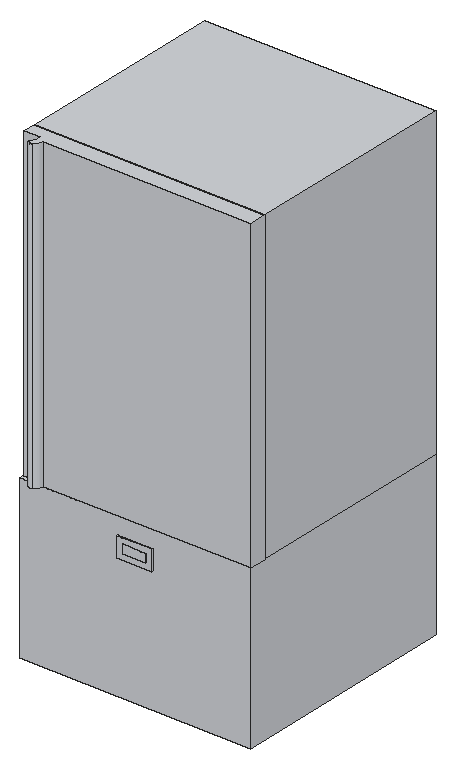
Revit family "Шкафы шоковой заморозки", category Оборудование, Revit 2020 (continued)
Automatic sketch dimensions
  curve 1742 to curve 1741 = 15 mm
  curve 1790 to curve 1789 = 15 mm
  curve 1846 to curve 1845 = 15 mm
  curve 1774 to curve 1773 = 15 mm
  curve 1838 to curve 1837 = 15 mm
  curve 1750 to curve 1749 = 15 mm
  curve 1870 to curve 1869 = 15 mm
  curve 1806 to curve 1805 = 15 mm
  curve 1798 to curve 1797 = 15 mm
  curve 1766 to curve 1765 = 15 mm
  curve 1830 to curve 1829 = 15 mm
  curve 1862 to curve 1861 = 15 mm
  curve 1822 to curve 1821 = 15 mm
  curve 1670 to curve 1669 = 15 mm
  curve 1758 to curve 1757 = 15 mm
  curve 1853 to curve 1860 = 0.858 mm
  curve 1805 to curve 1812 = 0.858 mm
  curve 1749 to curve 1756 = 0.858 mm
  curve 1813 to curve 1820 = 0.858 mm
  curve 1669 to curve 1668 = 0.858 mm
  curve 1701 to curve 1708 = 0.858 mm
  curve 1693 to curve 1700 = 0.858 mm
  curve 1717 to curve 1724 = 0.858 mm
  curve 1821 to curve 1828 = 0.858 mm
  curve 1757 to curve 1764 = 0.858 mm
  curve 1669 to curve 1676 = 0.858 mm
  curve 1845 to curve 1852 = 0.858 mm
  curve 1685 to curve 1692 = 0.858 mm
  curve 1789 to curve 1796 = 0.858 mm
  curve 1797 to curve 1804 = 0.858 mm
  curve 1725 to curve 1732 = 0.858 mm
  curve 1773 to curve 1780 = 0.858 mm
  curve 1861 to curve 1868 = 0.858 mm
  curve 1837 to curve 1844 = 0.858 mm
  curve 1829 to curve 1836 = 0.858 mm
  curve 1741 to curve 1748 = 0.858 mm
  curve 1733 to curve 1740 = 0.858 mm
  curve 1781 to curve 1788 = 0.858 mm
  curve 1677 to curve 1684 = 0.858 mm
  curve 1772 to curve 1668 = 0 mm
  curve 1709 to curve 1716 = 0.858 mm
  curve 1749 to curve 1748 = 15 mm
  curve 1773 to curve 1772 = 15 mm
  curve 1741 to curve 1740 = 15 mm
  curve 1837 to curve 1836 = 15 mm
  curve 1781 to curve 1780 = 15 mm
  curve 1693 to curve 1692 = 15 mm
  curve 1869 to curve 1868 = 15 mm
  curve 1805 to curve 1804 = 15 mm
  curve 1733 to curve 1732 = 15 mm
  curve 1797 to curve 1796 = 15 mm
  curve 1845 to curve 1844 = 15 mm
  curve 1669 to curve 1668 = 15 mm
  curve 1789 to curve 1788 = 15 mm
  curve 1701 to curve 1700 = 15 mm
  curve 1757 to curve 1756 = 15 mm
  curve 1829 to curve 1828 = 15 mm
  curve 1725 to curve 1724 = 15 mm
  curve 1677 to curve 1676 = 15 mm
  curve 1813 to curve 1812 = 15 mm
  curve 1709 to curve 1708 = 15 mm
  curve 1765 to curve 1764 = 15 mm
  curve 1861 to curve 1860 = 15 mm
  curve 1853 to curve 1852 = 15 mm
  curve 1717 to curve 1716 = 15 mm
  curve 1685 to curve 1684 = 15 mm
  curve 1821 to curve 1820 = 15 mm
  curve 1844 to curve 1851 = 0.858 mm
  curve 1708 to curve 1715 = 0.858 mm
  curve 1812 to curve 1819 = 0.858 mm
  curve 1820 to curve 1827 = 0.858 mm
  curve 1804 to curve 1811 = 0.858 mm
  curve 1828 to curve 1835 = 0.858 mm
  curve 1700 to curve 1707 = 0.858 mm
  curve 1780 to curve 1787 = 0.858 mm
  curve 1748 to curve 1755 = 0.858 mm
  curve 1852 to curve 1859 = 0.858 mm
  curve 1756 to curve 1763 = 0.858 mm
  curve 1860 to curve 1867 = 0.858 mm
  curve 1716 to curve 1723 = 0.858 mm
  curve 1796 to curve 1803 = 0.858 mm
  curve 1692 to curve 1699 = 0.858 mm
  curve 1772 to curve 1779 = 0.858 mm
  curve 1836 to curve 1843 = 0.858 mm
  curve 1676 to curve 1683 = 0.858 mm
  curve 1740 to curve 1747 = 0.858 mm
  curve 1772 to curve 1771 = 0.858 mm
  curve 1724 to curve 1731 = 0.858 mm
  curve 1788 to curve 1795 = 0.858 mm
  curve 1732 to curve 1739 = 0.858 mm
  curve 1667 to curve 1771 = 0 mm
  curve 1684 to curve 1691 = 0.858 mm
  curve 1668 to curve 1675 = 0.858 mm
  curve 1787 to curve 1011 = 15 mm  (x2)
  curve 1803 to curve 1035 = 15 mm  (x2)
  curve 1707 to curve 851 = 15 mm  (x2)
  curve 1859 to curve 1154 = 15 mm  (x2)
  curve 1747 to curve 936 = 15 mm  (x2)
  curve 1811 to curve 1052 = 15 mm  (x2)
  curve 1755 to curve 953 = 15 mm  (x2)
  curve 1691 to curve 822 = 15 mm  (x2)
  curve 1779 to curve 999 = 15 mm  (x2)
  curve 1667 to curve 786 = 15 mm  (x2)
  curve 1851 to curve 1137 = 15 mm  (x2)
  curve 1675 to curve 798 = 15 mm  (x2)
  curve 1715 to curve 868 = 15 mm  (x2)
  curve 1819 to curve 1069 = 15 mm  (x2)
  curve 1843 to curve 1120 = 15 mm  (x2)
  curve 1683 to curve 810 = 15 mm  (x2)
  curve 1867 to curve 1171 = 15 mm  (x2)
  curve 987 to curve 786 = 0 mm
  curve 1835 to curve 1103 = 15 mm  (x2)
  curve 1763 to curve 970 = 15 mm  (x2)
  curve 1731 to curve 902 = 15 mm  (x2)
  curve 1739 to curve 919 = 15 mm  (x2)
  curve 1699 to curve 834 = 15 mm  (x2)
  curve 1795 to curve 1023 = 15 mm  (x2)
  curve 1723 to curve 885 = 15 mm  (x2)
  curve 1827 to curve 1086 = 15 mm  (x2)
  curve 1675 to curve 810 = 0.858 mm
  curve 1819 to curve 1086 = 0.858 mm
  curve 1859 to curve 1171 = 0.858 mm
  curve 1763 to curve 970 = 0.858 mm
  curve 1867 to curve 1171 = 0.858 mm
  curve 1755 to curve 970 = 0.858 mm
  curve 1843 to curve 1137 = 0.858 mm
  curve 1683 to curve 822 = 0.858 mm
  curve 1771 to curve 999 = 0.858 mm
  curve 1747 to curve 953 = 0.858 mm
  curve 1691 to curve 834 = 0.858 mm
  curve 1739 to curve 936 = 0.858 mm
  curve 1667 to curve 798 = 0.858 mm
  curve 1795 to curve 1035 = 0.858 mm
  curve 1731 to curve 919 = 0.858 mm
  curve 1803 to curve 1052 = 0.858 mm
  curve 1779 to curve 1011 = 0.858 mm
  curve 1699 to curve 851 = 0.858 mm
  curve 1835 to curve 1120 = 0.858 mm
  curve 1707 to curve 868 = 0.858 mm
  curve 1811 to curve 1069 = 0.858 mm
  curve 1723 to curve 902 = 0.858 mm
  curve 1715 to curve 885 = 0.858 mm
  curve 1827 to curve 1103 = 0.858 mm
  curve 1851 to curve 1154 = 0.858 mm
  curve 1787 to curve 1023 = 0.858 mm
  curve 1771 to curve 987 = 15 mm
  curve 1069 to curve 1085 = 0.858 mm
  curve 987 to curve 998 = 0.858 mm
  curve 885 to curve 901 = 0.858 mm
  curve 798 to curve 809 = 0.858 mm
  curve 987 to curve 986 = 0.858 mm
  curve 1103 to curve 1119 = 0.858 mm
  curve 999 to curve 1010 = 0.858 mm
  curve 1154 to curve 1170 = 0.858 mm
  curve 810 to curve 821 = 0.858 mm
  curve 1120 to curve 1136 = 0.858 mm
  curve 786 to curve 797 = 0.858 mm
  curve 919 to curve 935 = 0.858 mm
  curve 868 to curve 884 = 0.858 mm
  curve 936 to curve 952 = 0.858 mm
  curve 822 to curve 833 = 0.858 mm
  curve 953 to curve 969 = 0.858 mm
  curve 1023 to curve 1034 = 0.858 mm
  curve 1011 to curve 1022 = 0.858 mm
  curve 851 to curve 867 = 0.858 mm
  curve 1035 to curve 1051 = 0.858 mm
  curve 785 to curve 986 = 0 mm
  curve 834 to curve 850 = 0.858 mm
  curve 1137 to curve 1153 = 0.858 mm
  curve 1086 to curve 1102 = 0.858 mm
  curve 1052 to curve 1068 = 0.858 mm
  curve 902 to curve 918 = 0.858 mm
  curve 1069 to curve 1068 = 15 mm
  curve 970 to curve 969 = 15 mm
  curve 1086 to curve 1085 = 15 mm
  curve 822 to curve 821 = 15 mm
  curve 786 to curve 785 = 15 mm
  curve 902 to curve 901 = 15 mm
  curve 851 to curve 850 = 15 mm
  curve 919 to curve 918 = 15 mm
  curve 1023 to curve 1022 = 15 mm
  curve 868 to curve 867 = 15 mm
  curve 1171 to curve 1170 = 15 mm
  curve 1052 to curve 1051 = 15 mm
  curve 834 to curve 833 = 15 mm
  curve 885 to curve 884 = 15 mm
  curve 999 to curve 998 = 15 mm
  curve 1103 to curve 1102 = 15 mm
  curve 1137 to curve 1136 = 15 mm
  curve 798 to curve 797 = 15 mm
  curve 1011 to curve 1010 = 15 mm
  curve 1035 to curve 1034 = 15 mm
  curve 810 to curve 809 = 15 mm
  curve 936 to curve 935 = 15 mm
  curve 1154 to curve 1153 = 15 mm
  curve 953 to curve 952 = 15 mm
  curve 1120 to curve 1119 = 15 mm
  curve 987 to curve 986 = 15 mm
  curve 1136 to curve 1152 = 0.858 mm
  curve 918 to curve 934 = 0.858 mm
  curve 785 to curve 784 = 0.858 mm
  curve 1085 to curve 1101 = 0.858 mm
  curve 998 to curve 1009 = 0.858 mm
  curve 901 to curve 917 = 0.858 mm
  curve 1119 to curve 1135 = 0.858 mm
  curve 797 to curve 808 = 0.858 mm
  curve 821 to curve 832 = 0.858 mm
  curve 986 to curve 997 = 0.858 mm
  curve 1153 to curve 1169 = 0.858 mm
  curve 850 to curve 866 = 0.858 mm
  curve 952 to curve 968 = 0.858 mm
  curve 1010 to curve 1021 = 0.858 mm
  curve 1051 to curve 1067 = 0.858 mm
  curve 884 to curve 900 = 0.858 mm
  curve 1034 to curve 1050 = 0.858 mm
  curve 935 to curve 951 = 0.858 mm
  curve 1068 to curve 1084 = 0.858 mm
  curve 833 to curve 849 = 0.858 mm
  curve 867 to curve 883 = 0.858 mm
  curve 785 to curve 796 = 0.858 mm
  curve 985 to curve 784 = 0 mm
  curve 1102 to curve 1118 = 0.858 mm
  curve 1022 to curve 1033 = 0.858 mm
  curve 809 to curve 820 = 0.858 mm
  curve 821 to curve 820 = 15 mm
  curve 1034 to curve 1033 = 15 mm
  curve 797 to curve 796 = 15 mm
  curve 986 to curve 985 = 15 mm
  curve 901 to curve 900 = 15 mm
  curve 1085 to curve 1084 = 15 mm
  curve 952 to curve 951 = 15 mm
  curve 969 to curve 968 = 15 mm
  curve 998 to curve 997 = 15 mm
  curve 1170 to curve 1169 = 15 mm
  curve 918 to curve 917 = 15 mm
  curve 935 to curve 934 = 15 mm
  curve 1102 to curve 1101 = 15 mm
  curve 1136 to curve 1135 = 15 mm
  curve 1010 to curve 1009 = 15 mm
  curve 833 to curve 832 = 15 mm
  curve 809 to curve 808 = 15 mm
  curve 867 to curve 866 = 15 mm
  curve 1068 to curve 1067 = 15 mm
  curve 785 to curve 784 = 15 mm
  curve 1153 to curve 1152 = 15 mm
  curve 1051 to curve 1050 = 15 mm
  curve 1022 to curve 1021 = 15 mm
  curve 884 to curve 883 = 15 mm
  curve 1119 to curve 1118 = 15 mm
  curve 850 to curve 849 = 15 mm
  curve 832 to curve 848 = 0.858 mm
  curve 917 to curve 933 = 0.858 mm
  curve 796 to curve 807 = 0.858 mm
  curve 1152 to curve 1168 = 0.858 mm
  curve 985 to curve 984 = 0.858 mm
  curve 866 to curve 882 = 0.858 mm
  curve 985 to curve 996 = 0.858 mm
  curve 951 to curve 967 = 0.858 mm
  curve 1101 to curve 1117 = 0.858 mm
  curve 1067 to curve 1083 = 0.858 mm
  curve 934 to curve 950 = 0.858 mm
  curve 997 to curve 1008 = 0.858 mm
  curve 900 to curve 916 = 0.858 mm
  curve 849 to curve 865 = 0.858 mm
  curve 1135 to curve 1151 = 0.858 mm
  curve 783 to curve 984 = 0 mm
  curve 784 to curve 795 = 0.858 mm
  curve 1084 to curve 1100 = 0.858 mm
  curve 1050 to curve 1066 = 0.858 mm
  curve 820 to curve 831 = 0.858 mm
  curve 1118 to curve 1134 = 0.858 mm
  curve 808 to curve 819 = 0.858 mm
  curve 1021 to curve 1032 = 0.858 mm
  curve 883 to curve 899 = 0.858 mm
  curve 1033 to curve 1049 = 0.858 mm
  curve 1009 to curve 1020 = 0.858 mm
  curve 1101 to curve 1100 = 15 mm
  curve 1152 to curve 1151 = 15 mm
  curve 968 to curve 967 = 15 mm
  curve 1050 to curve 1049 = 15 mm
  curve 934 to curve 933 = 15 mm
  curve 1169 to curve 1168 = 15 mm
  curve 808 to curve 807 = 15 mm
  curve 1118 to curve 1117 = 15 mm
  curve 985 to curve 984 = 15 mm
  curve 849 to curve 848 = 15 mm
  curve 1084 to curve 1083 = 15 mm
  curve 951 to curve 950 = 15 mm
  curve 1009 to curve 1008 = 15 mm
  curve 917 to curve 916 = 15 mm
  curve 866 to curve 865 = 15 mm
  curve 784 to curve 783 = 15 mm
  curve 796 to curve 795 = 15 mm
  curve 1021 to curve 1020 = 15 mm
  curve 1067 to curve 1066 = 15 mm
  curve 832 to curve 831 = 15 mm
  curve 1033 to curve 1032 = 15 mm
  curve 820 to curve 819 = 15 mm
  curve 900 to curve 899 = 15 mm
  curve 1135 to curve 1134 = 15 mm
  curve 997 to curve 996 = 15 mm
  curve 883 to curve 882 = 15 mm
  curve 865 to curve 881 = 0.858 mm
  curve 1032 to curve 1048 = 0.858 mm
  curve 1117 to curve 1133 = 0.858 mm
  curve 783 to curve 794 = 0.858 mm
  curve 882 to curve 898 = 0.858 mm
  curve 807 to curve 818 = 0.858 mm
  curve 933 to curve 949 = 0.858 mm
  curve 1020 to curve 1031 = 0.858 mm
  curve 819 to curve 830 = 0.858 mm
  curve 1083 to curve 1099 = 0.858 mm
  curve 1049 to curve 1065 = 0.858 mm
  curve 783 to curve 782 = 0.858 mm
  curve 1134 to curve 1150 = 0.858 mm
  curve 1008 to curve 1019 = 0.858 mm
  curve 899 to curve 915 = 0.858 mm
  curve 996 to curve 1007 = 0.858 mm
  curve 950 to curve 966 = 0.858 mm
  curve 1066 to curve 1082 = 0.858 mm
  curve 848 to curve 864 = 0.858 mm
  curve 916 to curve 932 = 0.858 mm
  curve 831 to curve 847 = 0.858 mm
  curve 984 to curve 995 = 0.858 mm
  curve 983 to curve 782 = 0 mm
  curve 1100 to curve 1116 = 0.858 mm
  curve 795 to curve 806 = 0.858 mm
  curve 1151 to curve 1167 = 0.858 mm
  curve 848 to curve 847 = 15 mm
  curve 795 to curve 794 = 15 mm
  curve 1117 to curve 1116 = 15 mm
  curve 807 to curve 806 = 15 mm
  curve 1049 to curve 1048 = 15 mm
  curve 899 to curve 898 = 15 mm
  curve 984 to curve 983 = 15 mm
  curve 1168 to curve 1167 = 15 mm
  curve 1151 to curve 1150 = 15 mm
  curve 950 to curve 949 = 15 mm
  curve 996 to curve 995 = 15 mm
  curve 819 to curve 818 = 15 mm
  curve 933 to curve 932 = 15 mm
  curve 882 to curve 881 = 15 mm
  curve 1032 to curve 1031 = 15 mm
  curve 865 to curve 864 = 15 mm
  curve 831 to curve 830 = 15 mm
  curve 1008 to curve 1007 = 15 mm
  curve 967 to curve 966 = 15 mm
  curve 1083 to curve 1082 = 15 mm
  curve 1066 to curve 1065 = 15 mm
  curve 1100 to curve 1099 = 15 mm
  curve 916 to curve 915 = 15 mm
  curve 783 to curve 782 = 15 mm
  curve 1134 to curve 1133 = 15 mm
  curve 1020 to curve 1019 = 15 mm
  curve 847 to curve 863 = 0.858 mm
  curve 1082 to curve 1098 = 0.858 mm
  curve 898 to curve 914 = 0.858 mm
  curve 782 to curve 781 = 0.858 mm
  curve 949 to curve 965 = 0.858 mm
  curve 1019 to curve 1030 = 0.858 mm
  curve 1065 to curve 1081 = 0.858 mm
  curve 1048 to curve 1064 = 0.858 mm
  curve 864 to curve 880 = 0.858 mm
  curve 995 to curve 1006 = 0.858 mm
  curve 830 to curve 846 = 0.858 mm
  curve 1150 to curve 1166 = 0.858 mm
  curve 806 to curve 817 = 0.858 mm
  curve 915 to curve 931 = 0.858 mm
  curve 983 to curve 994 = 0.858 mm
  curve 818 to curve 829 = 0.858 mm
  curve 1031 to curve 1047 = 0.858 mm
  curve 932 to curve 948 = 0.858 mm
  curve 982 to curve 781 = 0 mm
  curve 881 to curve 897 = 0.858 mm
  curve 1133 to curve 1149 = 0.858 mm
  curve 1099 to curve 1115 = 0.858 mm
  curve 1007 to curve 1018 = 0.858 mm
  curve 1116 to curve 1132 = 0.858 mm
  curve 782 to curve 793 = 0.858 mm
  curve 794 to curve 805 = 0.858 mm
  curve 983 to curve 982 = 15 mm
  curve 932 to curve 931 = 15 mm
  curve 818 to curve 817 = 15 mm
  curve 1116 to curve 1115 = 15 mm
  curve 1082 to curve 1081 = 15 mm
  curve 1031 to curve 1030 = 15 mm
  curve 966 to curve 965 = 15 mm
  curve 1150 to curve 1149 = 15 mm
  curve 898 to curve 897 = 15 mm
  curve 1019 to curve 1018 = 15 mm
  curve 1133 to curve 1132 = 15 mm
  curve 915 to curve 914 = 15 mm
  curve 1007 to curve 1006 = 15 mm
  curve 1065 to curve 1064 = 15 mm
  curve 1099 to curve 1098 = 15 mm
  curve 794 to curve 793 = 15 mm
  curve 830 to curve 829 = 15 mm
  curve 881 to curve 880 = 15 mm
  curve 949 to curve 948 = 15 mm
  curve 1167 to curve 1166 = 15 mm
  curve 782 to curve 781 = 15 mm
  curve 847 to curve 846 = 15 mm
  curve 864 to curve 863 = 15 mm
  curve 1048 to curve 1047 = 15 mm
  curve 995 to curve 994 = 15 mm
  curve 806 to curve 805 = 15 mm
  curve 982 to curve 993 = 0.858 mm
  curve 1030 to curve 1046 = 0.858 mm
  curve 829 to curve 845 = 0.858 mm
  curve 931 to curve 947 = 0.858 mm
  curve 781 to curve 780 = 0.858 mm
  curve 1149 to curve 1165 = 0.858 mm
  curve 817 to curve 828 = 0.858 mm
  curve 863 to curve 879 = 0.858 mm
  curve 1047 to curve 1063 = 0.858 mm
  curve 994 to curve 1005 = 0.858 mm
  curve 1081 to curve 1097 = 0.858 mm
  curve 897 to curve 913 = 0.858 mm
  curve 948 to curve 964 = 0.858 mm
  curve 1098 to curve 1114 = 0.858 mm
  curve 981 to curve 780 = 0 mm
  curve 1115 to curve 1131 = 0.858 mm
  curve 1006 to curve 1017 = 0.858 mm
  curve 880 to curve 896 = 0.858 mm
  curve 1132 to curve 1148 = 0.858 mm
  curve 781 to curve 792 = 0.858 mm
  curve 793 to curve 804 = 0.858 mm
  curve 1064 to curve 1080 = 0.858 mm
  curve 1018 to curve 1029 = 0.858 mm
  curve 914 to curve 930 = 0.858 mm
  curve 805 to curve 816 = 0.858 mm
  curve 846 to curve 862 = 0.858 mm
  curve 1081 to curve 1080 = 15 mm
  curve 805 to curve 804 = 15 mm
  curve 793 to curve 792 = 15 mm
  curve 1149 to curve 1148 = 15 mm
  curve 931 to curve 930 = 15 mm
  curve 982 to curve 981 = 15 mm
  curve 1132 to curve 1131 = 15 mm
  curve 1098 to curve 1097 = 15 mm
  curve 914 to curve 913 = 15 mm
  curve 1064 to curve 1063 = 15 mm
  curve 1166 to curve 1165 = 15 mm
  curve 846 to curve 845 = 15 mm
  curve 994 to curve 993 = 15 mm
  curve 863 to curve 862 = 15 mm
  curve 948 to curve 947 = 15 mm
  curve 1047 to curve 1046 = 15 mm
  curve 781 to curve 780 = 15 mm
  curve 1006 to curve 1005 = 15 mm
  curve 880 to curve 879 = 15 mm
  curve 829 to curve 828 = 15 mm
  curve 1115 to curve 1114 = 15 mm
  curve 965 to curve 964 = 15 mm
  curve 1018 to curve 1017 = 15 mm
  curve 897 to curve 896 = 15 mm
  curve 1030 to curve 1029 = 15 mm
  curve 817 to curve 816 = 15 mm
  curve 947 to curve 963 = 0.858 mm
  curve 1097 to curve 1113 = 0.858 mm
  curve 804 to curve 815 = 0.858 mm
  curve 1017 to curve 1028 = 0.858 mm
  curve 1046 to curve 1062 = 0.858 mm
  curve 1148 to curve 1164 = 0.858 mm
  curve 862 to curve 878 = 0.858 mm
  curve 896 to curve 912 = 0.858 mm
  curve 879 to curve 895 = 0.858 mm
  curve 981 to curve 992 = 0.858 mm
  curve 913 to curve 929 = 0.858 mm
  curve 1005 to curve 1016 = 0.858 mm
  curve 1029 to curve 1045 = 0.858 mm
  curve 845 to curve 861 = 0.858 mm
  curve 930 to curve 946 = 0.858 mm
  curve 1063 to curve 1079 = 0.858 mm
  curve 1131 to curve 1147 = 0.858 mm
  curve 981 to curve 980 = 0.858 mm
  curve 993 to curve 1004 = 0.858 mm
  curve 1114 to curve 1130 = 0.858 mm
  curve 1080 to curve 1096 = 0.858 mm
  curve 779 to curve 980 = 0 mm
  curve 816 to curve 827 = 0.858 mm
  curve 792 to curve 803 = 0.858 mm
  curve 780 to curve 791 = 0.858 mm
  curve 828 to curve 844 = 0.858 mm
  curve 1097 to curve 1096 = 15 mm
  curve 1131 to curve 1130 = 15 mm
  curve 981 to curve 980 = 15 mm
  curve 828 to curve 827 = 15 mm
  curve 1046 to curve 1045 = 15 mm
  curve 1148 to curve 1147 = 15 mm
  curve 1017 to curve 1016 = 15 mm
  curve 947 to curve 946 = 15 mm
  curve 1080 to curve 1079 = 15 mm
  curve 862 to curve 861 = 15 mm
  curve 804 to curve 803 = 15 mm
  curve 930 to curve 929 = 15 mm
  curve 913 to curve 912 = 15 mm
  curve 1029 to curve 1028 = 15 mm
  curve 993 to curve 992 = 15 mm
  curve 780 to curve 779 = 15 mm
  curve 879 to curve 878 = 15 mm
  curve 1005 to curve 1004 = 15 mm
  curve 1165 to curve 1164 = 15 mm
  curve 896 to curve 895 = 15 mm
  curve 964 to curve 963 = 15 mm
  curve 1063 to curve 1062 = 15 mm
  curve 845 to curve 844 = 15 mm
  curve 816 to curve 815 = 15 mm
  curve 1114 to curve 1113 = 15 mm
  curve 792 to curve 791 = 15 mm
  curve 1045 to curve 1061 = 0.858 mm
  curve 827 to curve 843 = 0.858 mm
  curve 992 to curve 1003 = 0.858 mm
  curve 1147 to curve 1163 = 0.858 mm
  curve 803 to curve 814 = 0.858 mm
  curve 912 to curve 928 = 0.858 mm
  curve 895 to curve 911 = 0.858 mm
  curve 1062 to curve 1078 = 0.858 mm
  curve 1130 to curve 1146 = 0.858 mm
  curve 1028 to curve 1044 = 0.858 mm
  curve 980 to curve 979 = 0.858 mm
  curve 779 to curve 790 = 0.858 mm
  curve 1079 to curve 1095 = 0.858 mm
  curve 1113 to curve 1129 = 0.858 mm
  curve 1004 to curve 1015 = 0.858 mm
  curve 929 to curve 945 = 0.858 mm
  curve 844 to curve 860 = 0.858 mm
  curve 815 to curve 826 = 0.858 mm
  curve 791 to curve 802 = 0.858 mm
  curve 778 to curve 979 = 0 mm
  curve 1016 to curve 1027 = 0.858 mm
  curve 861 to curve 877 = 0.858 mm
  curve 946 to curve 962 = 0.858 mm
  curve 878 to curve 894 = 0.858 mm
  curve 1096 to curve 1112 = 0.858 mm
  curve 980 to curve 991 = 0.858 mm
  curve 895 to curve 894 = 15 mm
  curve 1028 to curve 1027 = 15 mm
  curve 878 to curve 877 = 15 mm
  curve 791 to curve 790 = 15 mm
  curve 1130 to curve 1129 = 15 mm
  curve 980 to curve 979 = 15 mm
  curve 1147 to curve 1146 = 15 mm
  curve 1079 to curve 1078 = 15 mm
  curve 929 to curve 928 = 15 mm
  curve 1113 to curve 1112 = 15 mm
  curve 992 to curve 991 = 15 mm
  curve 861 to curve 860 = 15 mm
  curve 779 to curve 778 = 15 mm
  curve 827 to curve 826 = 15 mm
  curve 1016 to curve 1015 = 15 mm
  curve 803 to curve 802 = 15 mm
  curve 1164 to curve 1163 = 15 mm
  curve 963 to curve 962 = 15 mm
  curve 815 to curve 814 = 15 mm
  curve 946 to curve 945 = 15 mm
  curve 844 to curve 843 = 15 mm
  curve 1062 to curve 1061 = 15 mm
  curve 912 to curve 911 = 15 mm
  curve 1004 to curve 1003 = 15 mm
  curve 1045 to curve 1044 = 15 mm
  curve 1096 to curve 1095 = 15 mm
  curve 843 to curve 859 = 0.858 mm
  curve 1027 to curve 1043 = 0.858 mm
  curve 991 to curve 1002 = 0.858 mm
  curve 1078 to curve 1094 = 0.858 mm
  curve 1015 to curve 1026 = 0.858 mm
  curve 894 to curve 910 = 0.858 mm
  curve 860 to curve 876 = 0.858 mm
  curve 778 to curve 789 = 0.858 mm
  curve 826 to curve 842 = 0.858 mm
  curve 1112 to curve 1128 = 0.858 mm
  curve 979 to curve 978 = 0.858 mm
  curve 1044 to curve 1060 = 0.858 mm
  curve 1129 to curve 1145 = 0.858 mm
  curve 928 to curve 944 = 0.858 mm
  curve 814 to curve 825 = 0.858 mm
  curve 802 to curve 813 = 0.858 mm
  curve 1061 to curve 1077 = 0.858 mm
  curve 790 to curve 801 = 0.858 mm
  curve 1095 to curve 1111 = 0.858 mm
  curve 1146 to curve 1162 = 0.858 mm
  curve 877 to curve 893 = 0.858 mm
  curve 1003 to curve 1014 = 0.858 mm
  curve 777 to curve 978 = 0 mm
  curve 911 to curve 927 = 0.858 mm
  curve 979 to curve 990 = 0.858 mm
  curve 945 to curve 961 = 0.858 mm
  curve 991 to curve 990 = 15 mm
  curve 928 to curve 927 = 15 mm
  curve 778 to curve 777 = 15 mm
  curve 1163 to curve 1162 = 15 mm
  curve 1015 to curve 1014 = 15 mm
  curve 1078 to curve 1077 = 15 mm
  curve 814 to curve 813 = 15 mm
  curve 894 to curve 893 = 15 mm
  curve 1112 to curve 1111 = 15 mm
  curve 826 to curve 825 = 15 mm
  curve 860 to curve 859 = 15 mm
  curve 962 to curve 961 = 15 mm
  curve 1061 to curve 1060 = 15 mm
  curve 979 to curve 978 = 15 mm
  curve 802 to curve 801 = 15 mm
  curve 790 to curve 789 = 15 mm
  curve 843 to curve 842 = 15 mm
  curve 1027 to curve 1026 = 15 mm
  curve 877 to curve 876 = 15 mm
  curve 1044 to curve 1043 = 15 mm
  curve 945 to curve 944 = 15 mm
  curve 1095 to curve 1094 = 15 mm
  curve 1003 to curve 1002 = 15 mm
  curve 911 to curve 910 = 15 mm
  curve 1146 to curve 1145 = 15 mm
  curve 1129 to curve 1128 = 15 mm
  curve 1077 to curve 1093 = 0.858 mm
  curve 978 to curve 977 = 0.858 mm
  curve 1094 to curve 1110 = 0.858 mm
  curve 1145 to curve 1161 = 0.858 mm
  curve 777 to curve 788 = 0.858 mm
  curve 978 to curve 989 = 0.858 mm
  curve 1060 to curve 1076 = 0.858 mm
  curve 910 to curve 926 = 0.858 mm
  curve 801 to curve 812 = 0.858 mm
  curve 1043 to curve 1059 = 0.858 mm
  curve 789 to curve 800 = 0.858 mm
  curve 927 to curve 943 = 0.858 mm
  curve 990 to curve 1001 = 0.858 mm
  curve 859 to curve 875 = 0.858 mm
  curve 825 to curve 841 = 0.858 mm
  curve 1026 to curve 1042 = 0.858 mm
  curve 842 to curve 858 = 0.858 mm
  curve 893 to curve 909 = 0.858 mm
  curve 876 to curve 892 = 0.858 mm
  curve 1002 to curve 1013 = 0.858 mm
  curve 776 to curve 977 = 0 mm
  curve 813 to curve 824 = 0.858 mm
  curve 944 to curve 960 = 0.858 mm
  curve 1014 to curve 1025 = 0.858 mm
  curve 1128 to curve 1144 = 0.858 mm
  curve 1111 to curve 1127 = 0.858 mm
  curve 1002 to curve 1001 = 15 mm
  curve 825 to curve 824 = 15 mm
  curve 1060 to curve 1059 = 15 mm
  curve 1128 to curve 1127 = 15 mm
  curve 1026 to curve 1025 = 15 mm
  curve 813 to curve 812 = 15 mm
  curve 961 to curve 960 = 15 mm
  curve 893 to curve 892 = 15 mm
  curve 859 to curve 858 = 15 mm
  curve 910 to curve 909 = 15 mm
  curve 801 to curve 800 = 15 mm
  curve 944 to curve 943 = 15 mm
  curve 927 to curve 926 = 15 mm
  curve 1111 to curve 1110 = 15 mm
  curve 1077 to curve 1076 = 15 mm
  curve 990 to curve 989 = 15 mm
  curve 1145 to curve 1144 = 15 mm
  curve 1014 to curve 1013 = 15 mm
  curve 876 to curve 875 = 15 mm
  curve 789 to curve 788 = 15 mm
  curve 1043 to curve 1042 = 15 mm
  curve 978 to curve 977 = 15 mm
  curve 777 to curve 776 = 15 mm
  curve 1094 to curve 1093 = 15 mm
  curve 842 to curve 841 = 15 mm
  curve 1162 to curve 1161 = 15 mm
  curve 1144 to curve 1160 = 0.858 mm
  curve 858 to curve 874 = 0.858 mm
  curve 1025 to curve 1041 = 0.858 mm
  curve 977 to curve 976 = 0.858 mm
  curve 775 to curve 976 = 0 mm
  curve 776 to curve 787 = 0.858 mm
  curve 1093 to curve 1109 = 0.858 mm
  curve 977 to curve 988 = 0.858 mm
  curve 1127 to curve 1143 = 0.858 mm
  curve 1001 to curve 1012 = 0.858 mm
  curve 1013 to curve 1024 = 0.858 mm
  curve 926 to curve 942 = 0.858 mm
  curve 812 to curve 823 = 0.858 mm
  curve 892 to curve 908 = 0.858 mm
  curve 788 to curve 799 = 0.858 mm
  curve 875 to curve 891 = 0.858 mm
  curve 841 to curve 857 = 0.858 mm
  curve 1059 to curve 1075 = 0.858 mm
  curve 800 to curve 811 = 0.858 mm
  curve 943 to curve 959 = 0.858 mm
  curve 824 to curve 840 = 0.858 mm
  curve 1110 to curve 1126 = 0.858 mm
  curve 1076 to curve 1092 = 0.858 mm
  curve 989 to curve 1000 = 0.858 mm
  curve 909 to curve 925 = 0.858 mm
  curve 1042 to curve 1058 = 0.858 mm
  curve 1001 to curve 1000 = 15 mm
  curve 1076 to curve 1075 = 15 mm
  curve 1059 to curve 1058 = 15 mm
  curve 1012 to curve 1036 = 0.858 mm
  curve 892 to curve 891 = 15 mm
  curve 926 to curve 925 = 15 mm
  curve 909 to curve 908 = 15 mm
  curve 811 to curve 835 = 0.858 mm
  curve 788 to curve 787 = 15 mm
  curve 841 to curve 840 = 15 mm
  curve 776 to curve 775 = 15 mm
  curve 989 to curve 988 = 15 mm
  curve 1093 to curve 1092 = 15 mm
  curve 1042 to curve 1041 = 15 mm
  curve 875 to curve 874 = 15 mm
  curve 1161 to curve 1160 = 15 mm
  curve 943 to curve 942 = 15 mm
  curve 977 to curve 976 = 15 mm
  curve 1110 to curve 1109 = 15 mm
  curve 1024 to curve 1036 = 0.858 mm
  curve 1144 to curve 1143 = 15 mm
  curve 960 to curve 959 = 15 mm
  curve 1127 to curve 1126 = 15 mm
  curve 858 to curve 857 = 15 mm
  curve 823 to curve 835 = 0.858 mm
  curve 800 to curve 799 = 15 mm
  curve 1075 to curve 1104 = 0.858 mm
  curve 1126 to curve 1155 = 0.858 mm
  curve 823 to curve 852 = 0.858 mm
  curve 1109 to curve 1138 = 0.858 mm
  curve 840 to curve 869 = 0.858 mm
  curve 1092 to curve 1121 = 0.858 mm
  curve 857 to curve 886 = 0.858 mm
  curve 1058 to curve 1087 = 0.858 mm
  curve 874 to curve 903 = 0.858 mm
  curve 1041 to curve 1070 = 0.858 mm
  curve 891 to curve 920 = 0.858 mm
  curve 1024 to curve 1053 = 0.858 mm
  curve 908 to curve 937 = 0.858 mm
  curve 925 to curve 954 = 0.858 mm
  curve 942 to curve 971 = 0.858 mm
  curve 1143 to curve 1172 = 0.858 mm
  curve 1024 to curve 1036 = 15 mm
  curve 942 to curve 954 = 15 mm
  curve 1041 to curve 1053 = 15 mm
  curve 925 to curve 937 = 15 mm
  curve 1058 to curve 1070 = 15 mm
  curve 908 to curve 920 = 15 mm
  curve 1075 to curve 1087 = 15 mm
  curve 891 to curve 903 = 15 mm
  curve 1092 to curve 1104 = 15 mm
  curve 1109 to curve 1121 = 15 mm
  curve 874 to curve 886 = 15 mm
  curve 1126 to curve 1138 = 15 mm
  curve 857 to curve 869 = 15 mm
  curve 1143 to curve 1155 = 15 mm
  curve 840 to curve 852 = 15 mm
  curve 1160 to curve 1172 = 15 mm
  curve 959 to curve 971 = 15 mm
  curve 823 to curve 835 = 15 mm
  curve 1155 to curve 1173 = 0.858 mm
  curve 835 to curve 853 = 0.858 mm
  curve 835 to curve 836 = 0.858 mm
  curve 1053 to curve 1071 = 0.858 mm
  curve 1121 to curve 1139 = 0.858 mm
  curve 1036 to curve 1054 = 0.858 mm
  curve 1138 to curve 1156 = 0.858 mm
  curve 869 to curve 887 = 0.858 mm
  curve 1036 to curve 1037 = 0.858 mm
  curve 954 to curve 972 = 0.858 mm
  curve 852 to curve 870 = 0.858 mm
  curve 1087 to curve 1105 = 0.858 mm
  curve 886 to curve 904 = 0.858 mm
  curve 1104 to curve 1122 = 0.858 mm
  curve 937 to curve 955 = 0.858 mm
  curve 920 to curve 938 = 0.858 mm
  curve 903 to curve 921 = 0.858 mm
  curve 1070 to curve 1088 = 0.858 mm
  curve 1121 to curve 1122 = 15 mm
  curve 1172 to curve 1173 = 15 mm
  curve 937 to curve 938 = 15 mm
  curve 869 to curve 870 = 15 mm
  curve 835 to curve 836 = 15 mm
  curve 1087 to curve 1088 = 15 mm
  curve 954 to curve 955 = 15 mm
  curve 852 to curve 853 = 15 mm
  curve 903 to curve 904 = 15 mm
  curve 1104 to curve 1105 = 15 mm
  curve 971 to curve 972 = 15 mm
  curve 1138 to curve 1139 = 15 mm
  curve 1155 to curve 1156 = 15 mm
  curve 1070 to curve 1071 = 15 mm
  curve 1036 to curve 1037 = 15 mm
  curve 886 to curve 887 = 15 mm
  curve 920 to curve 921 = 15 mm
  curve 1053 to curve 1054 = 15 mm
  curve 1037 to curve 1038 = 0.858 mm
  curve 1122 to curve 1140 = 0.858 mm
  curve 1139 to curve 1157 = 0.858 mm
  curve 1037 to curve 1055 = 0.858 mm
  curve 836 to curve 854 = 0.858 mm
  curve 955 to curve 973 = 0.858 mm
  curve 870 to curve 888 = 0.858 mm
  curve 938 to curve 956 = 0.858 mm
  curve 1054 to curve 1072 = 0.858 mm
  curve 887 to curve 905 = 0.858 mm
  curve 921 to curve 939 = 0.858 mm
  curve 1156 to curve 1174 = 0.858 mm
  curve 853 to curve 871 = 0.858 mm
  curve 1088 to curve 1106 = 0.858 mm
  curve 904 to curve 922 = 0.858 mm
  curve 836 to curve 837 = 0.858 mm
  curve 1071 to curve 1089 = 0.858 mm
  curve 1105 to curve 1123 = 0.858 mm
  curve 1173 to curve 1174 = 15 mm
  curve 853 to curve 854 = 15 mm
  curve 1071 to curve 1072 = 15 mm
  curve 1054 to curve 1055 = 15 mm
  curve 1156 to curve 1157 = 15 mm
  curve 1037 to curve 1038 = 15 mm
  curve 972 to curve 973 = 15 mm
  curve 955 to curve 956 = 15 mm
  curve 1105 to curve 1106 = 15 mm
  curve 938 to curve 939 = 15 mm
  curve 921 to curve 922 = 15 mm
  curve 904 to curve 905 = 15 mm
  curve 1122 to curve 1123 = 15 mm
  curve 887 to curve 888 = 15 mm
  curve 1139 to curve 1140 = 15 mm
  curve 836 to curve 837 = 15 mm
  curve 870 to curve 871 = 15 mm
  curve 1088 to curve 1089 = 15 mm
  curve 1038 to curve 1039 = 0.858 mm
  curve 1055 to curve 1073 = 0.858 mm
  curve 837 to curve 855 = 0.858 mm
  curve 1106 to curve 1124 = 0.858 mm
  curve 871 to curve 889 = 0.858 mm
  curve 939 to curve 957 = 0.858 mm
  curve 1157 to curve 1175 = 0.858 mm
  curve 1123 to curve 1141 = 0.858 mm
  curve 1072 to curve 1090 = 0.858 mm
  curve 905 to curve 923 = 0.858 mm
  curve 854 to curve 872 = 0.858 mm
  curve 1038 to curve 1056 = 0.858 mm
  curve 888 to curve 906 = 0.858 mm
  curve 1089 to curve 1107 = 0.858 mm
  curve 956 to curve 974 = 0.858 mm
  curve 1140 to curve 1158 = 0.858 mm
  curve 922 to curve 940 = 0.858 mm
  curve 837 to curve 838 = 0.858 mm
  curve 973 to curve 974 = 15 mm
  curve 1055 to curve 1056 = 15 mm
  curve 1106 to curve 1107 = 15 mm
  curve 922 to curve 923 = 15 mm
  curve 905 to curve 906 = 15 mm
  curve 956 to curve 957 = 15 mm
  curve 1089 to curve 1090 = 15 mm
  curve 939 to curve 940 = 15 mm
  curve 871 to curve 872 = 15 mm
  curve 837 to curve 838 = 15 mm
  curve 1174 to curve 1175 = 15 mm
  curve 888 to curve 889 = 15 mm
  curve 1140 to curve 1141 = 15 mm
  curve 1123 to curve 1124 = 15 mm
  curve 854 to curve 855 = 15 mm
  curve 1038 to curve 1039 = 15 mm
  curve 1072 to curve 1073 = 15 mm
  curve 1157 to curve 1158 = 15 mm
  curve 1158 to curve 1176 = 0.858 mm
  curve 1056 to curve 1074 = 0.858 mm
  curve 1141 to curve 1159 = 0.858 mm
  curve 872 to curve 890 = 0.858 mm
  curve 957 to curve 975 = 0.858 mm
  curve 1039 to curve 1057 = 0.858 mm
  curve 838 to curve 856 = 0.858 mm
  curve 1073 to curve 1091 = 0.858 mm
  curve 1124 to curve 1142 = 0.858 mm
  curve 923 to curve 941 = 0.858 mm
  curve 906 to curve 924 = 0.858 mm
  curve 889 to curve 907 = 0.858 mm
  curve 1090 to curve 1108 = 0.858 mm
  curve 838 to curve 839 = 0.858 mm
  curve 1107 to curve 1125 = 0.858 mm
  curve 1039 to curve 1040 = 0.858 mm
  curve 855 to curve 873 = 0.858 mm
  curve 940 to curve 958 = 0.858 mm
  curve 923 to curve 924 = 15 mm
  curve 906 to curve 907 = 15 mm
  curve 1056 to curve 1057 = 15 mm
  curve 889 to curve 890 = 15 mm
  curve 1175 to curve 1176 = 15 mm
  curve 1073 to curve 1074 = 15 mm
  curve 940 to curve 941 = 15 mm
  curve 1090 to curve 1091 = 15 mm
  curve 974 to curve 975 = 15 mm
  curve 1158 to curve 1159 = 15 mm
  curve 872 to curve 873 = 15 mm
  curve 1107 to curve 1108 = 15 mm
  curve 855 to curve 856 = 15 mm
  curve 1141 to curve 1142 = 15 mm
  curve 838 to curve 839 = 15 mm
  curve 1124 to curve 1125 = 15 mm
  curve 957 to curve 958 = 15 mm
  curve 1039 to curve 1040 = 15 mm
  curve 1057 to curve 1188 = 0.858 mm
  curve 1142 to curve 1193 = 0.858 mm
  curve 924 to curve 1183 = 0.858 mm
  curve 941 to curve 1184 = 0.858 mm
  curve 839 to curve 1177 = 0.858 mm
  curve 958 to curve 1185 = 0.858 mm
  curve 1125 to curve 1192 = 0.858 mm
  curve 1108 to curve 1191 = 0.858 mm
  curve 839 to curve 1178 = 0.858 mm
  curve 907 to curve 1182 = 0.858 mm
  curve 856 to curve 1179 = 0.858 mm
  curve 1091 to curve 1190 = 0.858 mm
  curve 890 to curve 1181 = 0.858 mm
  curve 1040 to curve 1186 = 0.858 mm
  curve 1074 to curve 1189 = 0.858 mm
  curve 1040 to curve 1187 = 0.858 mm
  curve 1159 to curve 1194 = 0.858 mm
  curve 873 to curve 1180 = 0.858 mm
  curve 856 to curve 1178 = 15 mm
  curve 907 to curve 1181 = 15 mm
  curve 1176 to curve 1194 = 15 mm
  curve 958 to curve 1184 = 15 mm
  curve 890 to curve 1180 = 15 mm
  curve 1188 to curve 1206 = 15 mm
  curve 1189 to curve 1207 = 15 mm
  curve 1187 to curve 1205 = 15 mm
  curve 839 to curve 1177 = 15 mm
  curve 924 to curve 1182 = 15 mm
  curve 1185 to curve 1203 = 15 mm
  curve 1193 to curve 1211 = 15 mm
  curve 873 to curve 1179 = 15 mm
  curve 1186 to curve 1204 = 15 mm
  curve 1190 to curve 1208 = 15 mm
  curve 1191 to curve 1209 = 15 mm
  curve 941 to curve 1183 = 15 mm
  curve 1192 to curve 1210 = 15 mm
  curve 1190 to curve 1209 = 0.858 mm
  curve 1188 to curve 1207 = 0.858 mm
  curve 1193 to curve 1212 = 0.858 mm
  curve 1204 to curve 1216 = 14.142 mm
  curve 1192 to curve 1211 = 0.858 mm
  curve 1189 to curve 1208 = 0.858 mm
  curve 1184 to curve 1203 = 0.858 mm
  curve 1186 to curve 1205 = 0.858 mm
  curve 1187 to curve 1206 = 0.858 mm
  curve 1191 to curve 1210 = 0.858 mm
  curve 1177 to curve 1196 = 0.858 mm
  curve 1178 to curve 1197 = 0.858 mm
  curve 1180 to curve 1199 = 0.858 mm
  curve 1181 to curve 1200 = 0.858 mm
  curve 1183 to curve 1202 = 0.858 mm
  curve 1182 to curve 1201 = 0.858 mm
  curve 1179 to curve 1198 = 0.858 mm
  curve 1405 to curve 1665 = 174.142 mm
  curve 1281 to curve 1482 = 168.302 mm
  curve 1662 to curve 1658 = 174.142 mm
  curve 1659 to curve 1281 = 394.16 mm
  curve 1281 to curve 1659 = 104.142 mm
  curve 1482 to curve 1658 = 104.142 mm
  curve 2134 to curve 2133 = 14.142 mm
  curve 1407 to curve 1406 = 14.142 mm
  curve 1408 to curve 1407 = 14.142 mm
  curve 1409 to curve 1408 = 14.142 mm
  curve 1410 to curve 1409 = 14.142 mm
  curve 1411 to curve 1410 = 14.142 mm
  curve 1406 to curve 1405 = 14.142 mm
  curve 1412 to curve 1411 = 14.142 mm
  curve 1421 to curve 1631 = 14.142 mm
  curve 1413 to curve 1412 = 14.142 mm
  curve 2315 to curve 2314 = 14.142 mm
  curve 1414 to curve 1413 = 14.142 mm
  curve 1415 to curve 1414 = 14.142 mm
  curve 1631 to curve 1649 = 14.142 mm
  curve 1416 to curve 1415 = 14.142 mm
  curve 2314 to curve 2313 = 14.142 mm
  curve 2127 to curve 1416 = 14.142 mm
  curve 2313 to curve 2312 = 14.142 mm
  curve 1405 to curve 1417 = 14.142 mm
  curve 1416 to curve 2127 = 0 mm
  curve 2312 to curve 2311 = 14.142 mm
  curve 2129 to curve 2128 = 14.142 mm
  curve 1417 to curve 1418 = 14.142 mm
  curve 2130 to curve 2129 = 14.142 mm
  curve 1418 to curve 1419 = 14.142 mm
  curve 2131 to curve 2130 = 14.142 mm
  curve 1419 to curve 1420 = 14.142 mm
  curve 2132 to curve 2131 = 14.142 mm
  curve 1420 to curve 1421 = 14.142 mm
  curve 2133 to curve 2132 = 14.142 mm
  curve 2134 to curve 2311 = 0 mm
  curve 2316 to curve 2315 = 14.142 mm
  curve 1420 to curve 1402 = 5.858 mm
  curve 2315 to curve 2310 = 5.858 mm
  curve 1421 to curve 1403 = 5.858 mm
  curve 1419 to curve 1401 = 5.858 mm
  curve 2314 to curve 2309 = 5.858 mm
  curve 1631 to curve 1404 = 5.858 mm
  curve 1418 to curve 1400 = 5.858 mm
  curve 2313 to curve 2308 = 5.858 mm
  curve 1415 to curve 1399 = 5.858 mm
  curve 1414 to curve 1398 = 5.858 mm
  curve 2133 to curve 2126 = 5.858 mm
  curve 1413 to curve 1397 = 5.858 mm
  curve 2132 to curve 2125 = 5.858 mm
  curve 1412 to curve 1396 = 5.858 mm
  curve 2131 to curve 2124 = 5.858 mm
  curve 1649 to curve 1630 = 5.858 mm
  curve 1411 to curve 1395 = 5.858 mm
  curve 2130 to curve 2123 = 5.858 mm
  curve 1410 to curve 1394 = 5.858 mm
  curve 2129 to curve 2122 = 5.858 mm
  curve 1409 to curve 1393 = 5.858 mm
  curve 2128 to curve 2121 = 5.858 mm
  curve 1408 to curve 1392 = 5.858 mm
  curve 1648 to curve 1630 = 0 mm
  curve 2127 to curve 2120 = 5.858 mm
  curve 1407 to curve 1391 = 5.858 mm
  curve 1416 to curve 2119 = 5.858 mm
  curve 2134 to curve 2305 = 5.858 mm
  curve 1406 to curve 1390 = 5.858 mm
  curve 2311 to curve 2306 = 5.858 mm
  curve 1405 to curve 1389 = 5.858 mm
  curve 2312 to curve 2307 = 5.858 mm
  curve 1417 to curve 1388 = 5.858 mm
  curve 1404 to curve 1630 = 14.142 mm
  curve 1403 to curve 1404 = 14.142 mm
  curve 1402 to curve 1403 = 14.142 mm
  curve 1401 to curve 1402 = 14.142 mm
  curve 1400 to curve 1401 = 14.142 mm
  curve 2310 to curve 2309 = 14.142 mm
  curve 1388 to curve 1400 = 14.142 mm
  curve 2309 to curve 2308 = 14.142 mm
  curve 2119 to curve 1399 = 14.142 mm
  curve 2308 to curve 2307 = 14.142 mm
  curve 1399 to curve 1398 = 14.142 mm
  curve 2305 to curve 2126 = 14.142 mm
  curve 1398 to curve 1397 = 14.142 mm
  curve 2126 to curve 2125 = 14.142 mm
  curve 1397 to curve 1396 = 14.142 mm
  curve 2125 to curve 2124 = 14.142 mm
  curve 1396 to curve 1395 = 14.142 mm
  curve 2124 to curve 2123 = 14.142 mm
  curve 1395 to curve 1394 = 14.142 mm
  curve 2123 to curve 2122 = 14.142 mm
  curve 1394 to curve 1393 = 14.142 mm
  curve 2122 to curve 2121 = 14.142 mm
  curve 1393 to curve 1392 = 14.142 mm
  curve 2121 to curve 2120 = 14.142 mm
  curve 1392 to curve 1391 = 14.142 mm
  curve 1399 to curve 2119 = 0 mm
  curve 1391 to curve 1390 = 14.142 mm
  curve 2126 to curve 2305 = 0 mm
  curve 1390 to curve 1389 = 14.142 mm
  curve 2307 to curve 2306 = 14.142 mm
  curve 1389 to curve 1388 = 14.142 mm
  curve 1630 to curve 1648 = 14.142 mm
  curve 1400 to curve 1371 = 5.858 mm
  curve 2306 to curve 2301 = 5.858 mm
  curve 1388 to curve 1372 = 5.858 mm
  curve 1397 to curve 1381 = 5.858 mm
  curve 2305 to curve 2300 = 5.858 mm
  curve 1398 to curve 1382 = 5.858 mm
  curve 1401 to curve 1383 = 5.858 mm
  curve 2126 to curve 2299 = 5.858 mm
  curve 1389 to curve 1373 = 5.858 mm
  curve 1402 to curve 1384 = 5.858 mm
  curve 1390 to curve 1374 = 5.858 mm
  curve 1403 to curve 1385 = 5.858 mm
  curve 1391 to curve 1375 = 5.858 mm
  curve 1404 to curve 1386 = 5.858 mm
  curve 1392 to curve 1376 = 5.858 mm
  curve 1630 to curve 1387 = 5.858 mm
  curve 1393 to curve 1377 = 5.858 mm
  curve 1395 to curve 1379 = 5.858 mm
  curve 1399 to curve 2111 = 5.858 mm
  curve 1648 to curve 1647 = 5.858 mm
  curve 1394 to curve 1378 = 5.858 mm
  curve 2119 to curve 2112 = 5.858 mm
  curve 1648 to curve 1629 = 5.858 mm
  curve 2125 to curve 2118 = 5.858 mm
  curve 2307 to curve 2302 = 5.858 mm
  curve 2120 to curve 2113 = 5.858 mm
  curve 2124 to curve 2117 = 5.858 mm
  curve 2308 to curve 2303 = 5.858 mm
  curve 2121 to curve 2114 = 5.858 mm
  curve 2123 to curve 2116 = 5.858 mm
  curve 2309 to curve 2304 = 5.858 mm
  curve 2122 to curve 2115 = 5.858 mm
  curve 1396 to curve 1380 = 5.858 mm
  curve 2115 to curve 2114 = 14.142 mm
  curve 2304 to curve 2303 = 14.142 mm
  curve 2117 to curve 2116 = 14.142 mm
  curve 2114 to curve 2113 = 14.142 mm
  curve 2303 to curve 2302 = 14.142 mm
  curve 2118 to curve 2117 = 14.142 mm
  curve 1372 to curve 1371 = 14.142 mm
  curve 2113 to curve 2112 = 14.142 mm
  curve 2302 to curve 2301 = 14.142 mm
  curve 2299 to curve 2118 = 14.142 mm
  curve 1387 to curve 1629 = 14.142 mm
  curve 1379 to curve 1378 = 14.142 mm
  curve 1629 to curve 1647 = 14.142 mm
  curve 2112 to curve 2111 = 14.142 mm
  curve 1378 to curve 1377 = 14.142 mm
  curve 1380 to curve 1379 = 14.142 mm
  curve 1386 to curve 1387 = 14.142 mm
  curve 1377 to curve 1376 = 14.142 mm
  curve 1385 to curve 1386 = 14.142 mm
  curve 1376 to curve 1375 = 14.142 mm
  curve 1384 to curve 1385 = 14.142 mm
  curve 1375 to curve 1374 = 14.142 mm
  curve 1383 to curve 1384 = 14.142 mm
  curve 1374 to curve 1373 = 14.142 mm
  curve 1371 to curve 1383 = 14.142 mm
  curve 1373 to curve 1372 = 14.142 mm
  curve 1382 to curve 2111 = 0 mm
  curve 2118 to curve 2299 = 0 mm
  curve 1382 to curve 1381 = 14.142 mm
  curve 2301 to curve 2300 = 14.142 mm
  curve 1381 to curve 1380 = 14.142 mm
  curve 2116 to curve 2115 = 14.142 mm
  curve 2111 to curve 2104 = 5.858 mm
  curve 1647 to curve 1646 = 5.858 mm
  curve 1382 to curve 2103 = 5.858 mm
  curve 2299 to curve 2294 = 5.858 mm
  curve 2300 to curve 2295 = 5.858 mm
  curve 2301 to curve 2296 = 5.858 mm
  curve 2117 to curve 2110 = 5.858 mm
  curve 2302 to curve 2297 = 5.858 mm
  curve 2303 to curve 2298 = 5.858 mm
  curve 2116 to curve 2109 = 5.858 mm
  curve 2115 to curve 2108 = 5.858 mm
  curve 2118 to curve 2293 = 5.858 mm
  curve 2114 to curve 2107 = 5.858 mm
  curve 2113 to curve 2106 = 5.858 mm
  curve 2112 to curve 2105 = 5.858 mm
  curve 1647 to curve 1628 = 5.858 mm
  curve 1629 to curve 1370 = 5.858 mm
  curve 1387 to curve 1369 = 5.858 mm
  curve 1386 to curve 1368 = 5.858 mm
  curve 1385 to curve 1367 = 5.858 mm
  curve 1384 to curve 1366 = 5.858 mm
  curve 1381 to curve 1365 = 5.858 mm
  curve 1380 to curve 1364 = 5.858 mm
  curve 1379 to curve 1363 = 5.858 mm
  curve 1378 to curve 1362 = 5.858 mm
  curve 1377 to curve 1361 = 5.858 mm
  curve 1376 to curve 1360 = 5.858 mm
  curve 1375 to curve 1359 = 5.858 mm
  curve 1374 to curve 1358 = 5.858 mm
  curve 1373 to curve 1357 = 5.858 mm
  curve 1372 to curve 1356 = 5.858 mm
  curve 1371 to curve 1355 = 5.858 mm
  curve 1383 to curve 1354 = 5.858 mm
  curve 2294 to curve 2293 = 14.142 mm
  curve 2106 to curve 2105 = 14.142 mm
  curve 2296 to curve 2295 = 14.142 mm
  curve 2110 to curve 2293 = 0 mm
  curve 1628 to curve 1646 = 14.142 mm
  curve 2297 to curve 2296 = 14.142 mm
  curve 2110 to curve 2109 = 14.142 mm
  curve 2298 to curve 2297 = 14.142 mm
  curve 2107 to curve 2106 = 14.142 mm
  curve 2104 to curve 2103 = 14.142 mm
  curve 2109 to curve 2108 = 14.142 mm
  curve 2108 to curve 2107 = 14.142 mm
  curve 1369 to curve 1370 = 14.142 mm
  curve 1368 to curve 1369 = 14.142 mm
  curve 1367 to curve 1368 = 14.142 mm
  curve 1355 to curve 1354 = 14.142 mm
  curve 2105 to curve 2104 = 14.142 mm
  curve 1356 to curve 1355 = 14.142 mm
  curve 1366 to curve 1367 = 14.142 mm
  curve 1357 to curve 1356 = 14.142 mm
  curve 1370 to curve 1628 = 14.142 mm
  curve 1358 to curve 1357 = 14.142 mm
  curve 1354 to curve 1366 = 14.142 mm
  curve 1359 to curve 1358 = 14.142 mm
  curve 1365 to curve 2103 = 0 mm
  curve 1360 to curve 1359 = 14.142 mm
  curve 1365 to curve 1364 = 14.142 mm
  curve 1361 to curve 1360 = 14.142 mm
  curve 1364 to curve 1363 = 14.142 mm
  curve 1362 to curve 1361 = 14.142 mm
  curve 1363 to curve 1362 = 14.142 mm
  curve 2295 to curve 2294 = 14.142 mm
  curve 1646 to curve 1627 = 5.858 mm
  curve 2108 to curve 2101 = 5.858 mm
  curve 1356 to curve 1340 = 5.858 mm
  curve 1358 to curve 1342 = 5.858 mm
  curve 2110 to curve 2287 = 5.858 mm
  curve 1355 to curve 1339 = 5.858 mm
  curve 1359 to curve 1343 = 5.858 mm
  curve 1365 to curve 2095 = 5.858 mm
  curve 1360 to curve 1344 = 5.858 mm
  curve 1354 to curve 1338 = 5.858 mm
  curve 1361 to curve 1345 = 5.858 mm
  curve 2103 to curve 2096 = 5.858 mm
  curve 2295 to curve 2290 = 5.858 mm
  curve 1366 to curve 1337 = 5.858 mm
  curve 1628 to curve 1353 = 5.858 mm
  curve 2106 to curve 2099 = 5.858 mm
  curve 2294 to curve 2289 = 5.858 mm
  curve 1370 to curve 1352 = 5.858 mm
  curve 2104 to curve 2097 = 5.858 mm
  curve 2105 to curve 2098 = 5.858 mm
  curve 1645 to curve 1627 = 0 mm
  curve 2107 to curve 2100 = 5.858 mm
  curve 1369 to curve 1351 = 5.858 mm
  curve 1368 to curve 1350 = 5.858 mm
  curve 2109 to curve 2102 = 5.858 mm
  curve 1367 to curve 1349 = 5.858 mm
  curve 2296 to curve 2291 = 5.858 mm
  curve 1364 to curve 1348 = 5.858 mm
  curve 1363 to curve 1347 = 5.858 mm
  curve 2297 to curve 2292 = 5.858 mm
  curve 1362 to curve 1346 = 5.858 mm
  curve 1357 to curve 1341 = 5.858 mm
  curve 2293 to curve 2288 = 5.858 mm
  curve 2098 to curve 2097 = 14.142 mm
  curve 2100 to curve 2099 = 14.142 mm
  curve 2097 to curve 2096 = 14.142 mm
  curve 1338 to curve 1337 = 14.142 mm
  curve 2096 to curve 2095 = 14.142 mm
  curve 1339 to curve 1338 = 14.142 mm
  curve 2288 to curve 2287 = 14.142 mm
  curve 1340 to curve 1339 = 14.142 mm
  curve 2101 to curve 2100 = 14.142 mm
  curve 1341 to curve 1340 = 14.142 mm
  curve 1342 to curve 1341 = 14.142 mm
  curve 1343 to curve 1342 = 14.142 mm
  curve 1353 to curve 1627 = 14.142 mm
  curve 1344 to curve 1343 = 14.142 mm
  curve 2290 to curve 2289 = 14.142 mm
  curve 1346 to curve 1345 = 14.142 mm
  curve 1345 to curve 1344 = 14.142 mm
  curve 2102 to curve 2101 = 14.142 mm
  curve 1352 to curve 1353 = 14.142 mm
  curve 1351 to curve 1352 = 14.142 mm
  curve 1350 to curve 1351 = 14.142 mm
  curve 2291 to curve 2290 = 14.142 mm
  curve 1627 to curve 1645 = 14.142 mm
  curve 1349 to curve 1350 = 14.142 mm
  curve 1337 to curve 1349 = 14.142 mm
  curve 1348 to curve 2095 = 0 mm
  curve 1348 to curve 1347 = 14.142 mm
  curve 2289 to curve 2288 = 14.142 mm
  curve 1347 to curve 1346 = 14.142 mm
  curve 2099 to curve 2098 = 14.142 mm
  curve 2102 to curve 2287 = 0 mm
  curve 2292 to curve 2291 = 14.142 mm
  curve 2287 to curve 2282 = 5.858 mm
  curve 1353 to curve 1335 = 5.858 mm
  curve 2097 to curve 2090 = 5.858 mm
  curve 2098 to curve 2091 = 5.858 mm
  curve 1352 to curve 1334 = 5.858 mm
  curve 1351 to curve 1333 = 5.858 mm
  curve 2096 to curve 2089 = 5.858 mm
  curve 2099 to curve 2092 = 5.858 mm
  curve 1350 to curve 1332 = 5.858 mm
  curve 1347 to curve 1331 = 5.858 mm
  curve 1645 to curve 1644 = 5.858 mm
  curve 2100 to curve 2093 = 5.858 mm
  curve 2095 to curve 2088 = 5.858 mm
  curve 1349 to curve 1320 = 5.858 mm
  curve 1346 to curve 1330 = 5.858 mm
  curve 1337 to curve 1321 = 5.858 mm
  curve 1345 to curve 1329 = 5.858 mm
  curve 2102 to curve 2281 = 5.858 mm
  curve 1645 to curve 1626 = 5.858 mm
  curve 1338 to curve 1322 = 5.858 mm
  curve 1344 to curve 1328 = 5.858 mm
  curve 1343 to curve 1327 = 5.858 mm
  curve 2288 to curve 2283 = 5.858 mm
  curve 1342 to curve 1326 = 5.858 mm
  curve 2289 to curve 2284 = 5.858 mm
  curve 1341 to curve 1325 = 5.858 mm
  curve 2290 to curve 2285 = 5.858 mm
  curve 1340 to curve 1324 = 5.858 mm
  curve 2291 to curve 2286 = 5.858 mm
  curve 2101 to curve 2094 = 5.858 mm
  curve 1348 to curve 2087 = 5.858 mm
  curve 1627 to curve 1336 = 5.858 mm
  curve 1339 to curve 1323 = 5.858 mm
  curve 1324 to curve 1323 = 14.142 mm
  curve 2281 to curve 2094 = 14.142 mm
  curve 2286 to curve 2285 = 14.142 mm
  curve 1325 to curve 1324 = 14.142 mm
  curve 2285 to curve 2284 = 14.142 mm
  curve 1326 to curve 1325 = 14.142 mm
  curve 2284 to curve 2283 = 14.142 mm
  curve 1327 to curve 1326 = 14.142 mm
  curve 1323 to curve 1322 = 14.142 mm
  curve 1328 to curve 1327 = 14.142 mm
  curve 2088 to curve 2087 = 14.142 mm
  curve 1336 to curve 1626 = 14.142 mm
  curve 1329 to curve 1328 = 14.142 mm
  curve 1322 to curve 1321 = 14.142 mm
  curve 1330 to curve 1329 = 14.142 mm
  curve 1321 to curve 1320 = 14.142 mm
  curve 1331 to curve 1330 = 14.142 mm
  curve 1626 to curve 1644 = 14.142 mm
  curve 1331 to curve 2087 = 0 mm
  curve 2089 to curve 2088 = 14.142 mm
  curve 1320 to curve 1332 = 14.142 mm
  curve 2092 to curve 2091 = 14.142 mm
  curve 1332 to curve 1333 = 14.142 mm
  curve 2090 to curve 2089 = 14.142 mm
  curve 1333 to curve 1334 = 14.142 mm
  curve 2283 to curve 2282 = 14.142 mm
  curve 2091 to curve 2090 = 14.142 mm
  curve 1334 to curve 1335 = 14.142 mm
  curve 2094 to curve 2093 = 14.142 mm
  curve 1335 to curve 1336 = 14.142 mm
  curve 2094 to curve 2281 = 0 mm
  curve 2093 to curve 2092 = 14.142 mm
  curve 2285 to curve 2280 = 5.858 mm
  curve 1332 to curve 1303 = 5.858 mm
  curve 1331 to curve 2079 = 5.858 mm
  curve 1320 to curve 1304 = 5.858 mm
  curve 1321 to curve 1305 = 5.858 mm
  curve 2087 to curve 2080 = 5.858 mm
  curve 1322 to curve 1306 = 5.858 mm
  curve 2088 to curve 2081 = 5.858 mm
  curve 1323 to curve 1307 = 5.858 mm
  curve 1324 to curve 1308 = 5.858 mm
  curve 2089 to curve 2082 = 5.858 mm
  curve 1325 to curve 1309 = 5.858 mm
  curve 2090 to curve 2083 = 5.858 mm
  curve 1326 to curve 1310 = 5.858 mm
  curve 2091 to curve 2084 = 5.858 mm
  curve 1327 to curve 1311 = 5.858 mm
  curve 2092 to curve 2085 = 5.858 mm
  curve 1328 to curve 1312 = 5.858 mm
  curve 2093 to curve 2086 = 5.858 mm
  curve 1329 to curve 1313 = 5.858 mm
  curve 1330 to curve 1314 = 5.858 mm
  curve 1644 to curve 1625 = 5.858 mm
  curve 1333 to curve 1315 = 5.858 mm
  curve 2094 to curve 2275 = 5.858 mm
  curve 2281 to curve 2276 = 5.858 mm
  curve 2282 to curve 2277 = 5.858 mm
  curve 2283 to curve 2278 = 5.858 mm
  curve 1335 to curve 1317 = 5.858 mm
  curve 2284 to curve 2279 = 5.858 mm
  curve 1336 to curve 1318 = 5.858 mm
  curve 1626 to curve 1319 = 5.858 mm
  curve 1643 to curve 1625 = 0 mm
  curve 1334 to curve 1316 = 5.858 mm
  curve 2275 to curve 2086 = 14.142 mm
  curve 2086 to curve 2085 = 14.142 mm
  curve 2085 to curve 2084 = 14.142 mm
  curve 2084 to curve 2083 = 14.142 mm
  curve 2083 to curve 2082 = 14.142 mm
  curve 1304 to curve 1303 = 14.142 mm
  curve 2082 to curve 2081 = 14.142 mm
  curve 1305 to curve 1304 = 14.142 mm
  curve 2081 to curve 2080 = 14.142 mm
  curve 2080 to curve 2079 = 14.142 mm
  curve 1306 to curve 1305 = 14.142 mm
  curve 1307 to curve 1306 = 14.142 mm
  curve 1308 to curve 1307 = 14.142 mm
  curve 1309 to curve 1308 = 14.142 mm
  curve 1310 to curve 1309 = 14.142 mm
  curve 1311 to curve 1310 = 14.142 mm
  curve 1312 to curve 1311 = 14.142 mm
  curve 1313 to curve 1312 = 14.142 mm
  curve 1314 to curve 1313 = 14.142 mm
  curve 1319 to curve 1625 = 14.142 mm
  curve 1314 to curve 2079 = 0 mm
  curve 1303 to curve 1315 = 14.142 mm
  curve 1315 to curve 1316 = 14.142 mm
  curve 1316 to curve 1317 = 14.142 mm
  curve 2086 to curve 2275 = 0 mm
  curve 2277 to curve 2276 = 14.142 mm
  curve 2278 to curve 2277 = 14.142 mm
  curve 2279 to curve 2278 = 14.142 mm
  curve 2280 to curve 2279 = 14.142 mm
  curve 1317 to curve 1318 = 14.142 mm
  curve 1318 to curve 1319 = 14.142 mm
  curve 1625 to curve 1643 = 14.142 mm
  curve 1304 to curve 1288 = 5.858 mm
  curve 1306 to curve 1290 = 5.858 mm
  curve 1307 to curve 1291 = 5.858 mm
  curve 1308 to curve 1292 = 5.858 mm
  curve 1303 to curve 1287 = 5.858 mm
  curve 1315 to curve 1286 = 5.858 mm
